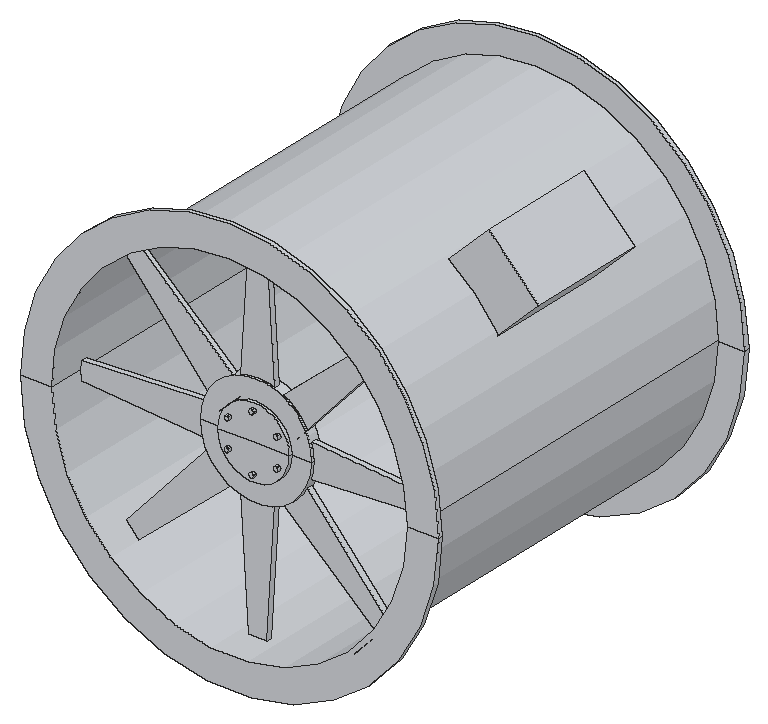
Revit family "CADS_Vent-Axia_MechEquip_Fan_LCA_400_1Ph2P - SUPPLY", category Mechanical Equipment, Revit 2020
Family settings
  Round Connector Dimension = Use Diameter
  Part Type = Normal
  OmniClass Number = 23.75.00.00
  OmniClass Title = Climate Control (HVAC)
  Work Plane-Based = No
  Always vertical = Yes
  Cut with Voids When Loaded = No
  Shared = No
  Room Calculation Point = No
Parameters (values of type "LCA401210")
  nr = NominalDiameter / 2  # 200 mm
  WorkingPressure = 0.0 Pa
  WarrantyStartDate [instance] = "1900-12-31T23:59:59"
  WarrantyPeriod = ""
  WarrantyIdentifier = "N/A"
  WarrantyGuarantorParts = "tech@vent-axia.com"
  WarrantyGuarantorLabor = "tech@vent-axia.com"
  WarrantyGuarantor = "Vent-Axia Limited"
  WarrantyEndDate [instance] = "1900-12-31T23:59:59"
  WarrantyContent = ""
  TemperatureRange = ""
  TagNumber [instance] = "N/A"
  SustainabilityPerformance = ""
  Status = "New"
  Size = ""
  Shape = ""
  ServiceLifeType = ""
  ServiceLifeDuration = ""
  SerialNumber [instance] = "N/A"
  ReplacementCost = ""
  RatedVoltage = 0 V
  RatedCurrent = 0 A
  Quantity = 1
  ProductionYear = ""
  PressureCurve = ""
  PowerFactor = ""
  PointOfContact = ""
  NumberOfPoles = 0
  NominalWidth = 400 mm
  NominalLength = 435 mm
  NominalHeight = 400 mm
  NominalFrequencyRange = ""
  NominalDiameter = 400 mm
  ModelReference = "LCAX 400mm 1PH 2P 10DEG"
  ModelNumber = "LCA401210"
  Material = ""
  ManufacturerE-Mail = "tech@vent-axia.com"
  ManufacturerAddress = "Fleming Way\nCrawley \nRH10 9YX"
  IsExtendedWarranty = no
  InsulationStandardClass = ""
  InstallationDate [instance] = "1900-12-31T23:59:59"
  IfcExportType [instance] = ""
  IfcExportAs = "IfcFanType"
  IP_Code = ""
  HasProtectiveEarth = no
  GrossWeight = 0.00 kg
  Grade = ""
  GlobalTradeItemNumber [instance] = "N/A"
  Fitting Type = "Ignore"
  Finish = ""
  Features = ""
  ExteriorInsulation = no
  ExpectedServiceLife = 0
  Exclusions = ""
  DurationUnit = "Year"
  Default Elevation = 0 mm
  Constituents = ""
  ConductorFunction = ""
  Color = ""
  CodePerformance = ""
  Category = ""
  CADS_Usage = 0
  CADS_Index = 0
  AssetType = "FIXED"
  AssetIdentifier [instance] = "N/A"
  AssemblyPlace = "UNKNOWN"
  ArticleNumber [instance] = "N/A"
  AirflowRateRange = 0.0 L/s
  Air Flow [instance] = 0.0 L/s
  AccessibilityPerformance = ""
Types (12, lengths in mm): name | ModelReference | ModelNumber
  LCA401210 | "LCAX 400mm 1PH 2P 10DEG" | "LCA401210"
  LCA401212 | "LCAX 400mm 1PH 2P 12DEG" | "LCA401212"
  LCA401214 | "LCAX 400mm 1PH 2P 14DEG" | "LCA401214"
  LCA401216 | "LCAX 400mm 1PH 2P 16DEG" | "LCA401216"
  LCA401218 | "LCAX 400mm 1PH 2P 18DEG" | "LCA401218"
  LCA401220 | "LCAX 400mm 1PH 2P 20DEG" | "LCA401220"
  LCA401222 | "LCAX 400mm 1PH 2P 22DEG" | "LCA401222"
  LCA401224 | "LCAX 400mm 1PH 2P 24DEG" | "LCA401224"
  LCA401226 | "LCAX 400mm 1PH 2P 26DEG" | "LCA401226"
  LCA401228 | "LCAX 400mm 1PH 2P 28DEG" | "LCA401228"
  LCA401230 | "LCAX 400mm 1PH 2P 30DEG" | "LCA401230"
  LCA401232 | "LCAX 400mm 1PH 2P 32DEG" | "LCA401232"
Reference planes
  plane 1 "Center (Front/Back)": y = 0
  plane 2: z = 0
  plane 3 "Center (Left/Right)": x = 0
  plane 4: x = -200
  plane 5: x = 200
  plane 6 "F": y = -217.5
  plane 7 "B": y = 217.5
  plane 8: x = -235
  plane 9: y = 212.5
  plane 10: y = -212.5
  plane 11: x = -205
  plane 12: y = -177.5
  plane 13 "top": z = 200
  plane 14: z = -200
  plane 15 "45deg": through (0, -1524, 0) normal (-0.7071, 0, -0.7071)
  plane 16 "C": through (0, -1524, 0) normal (-0.7071, 0, 0.7071)
Forms (mm)
  Revolve 1, solid
    sketch origin (0, 0, 0) x (1, 0, 0) y (0, 1, 0)
      loop
        line (-235, -217.5) -> (-200, -217.5) -> (-200, 217.5) -> (-235, 217.5) -> (-235, 212.5) -> (-205, 212.5) -> (-205, -212.5) -> (-235, -212.5) -> (-235, -217.5)
      axis (0, 217.5) -> (0, -217.5)
    angle from 0 to 360
  Sweep 2, solid
    path origin (0, 0, 0) x (1, 0, 0) y (0, 0, 1)
      loop
        line (141.421, 141.421) -> (187.383, 187.383)
    profile origin (164.402, 0, 164.402) x (-0.707107, 0, 0.707107) y (0, -1, 0)
      loop
        line (37.5, 55) -> (-42.73, 55) -> (-42.73, -79.5) -> (37.5, -79.5) -> (37.5, 55)
Dimensions and locks
  equal spacing: plane 4, plane 3 "Center (Left/Right)", plane 5
  equal spacing: plane 7 "B", plane 1 "Center (Front/Back)", plane 6 "F"
  "NominalLength": plane 7 "B" to plane 6 "F"
  "NominalDiameter": plane 4 to plane 5
  locked: plane 11 to plane 4 at 5
  locked: plane 8 to plane 11 at 30
  locked: plane 6 "F" to plane 10 at 5
  locked: plane 7 "B" to plane 9 at 5
  locked: plane 6 "F" to plane 12 at 40
  equal spacing: plane 13 "top", level, plane 14
  "NominalDiameter": plane 13 "top" to plane 14
  "nr": Sweep 2 sketch curve to nested 13
  Sweep 2 sketch curve to Sweep 2 sketch curve = 65 mm
  aligned and locked: level to plane 2
  aligned and locked: nested 1 to plane 12
Automatic sketch dimensions
  plane 6 "F" to Revolve 1 sketch curve = 0 mm
  Revolve 1 sketch curve to plane 8 = 0 mm  (x2)
  plane 10 to Revolve 1 sketch curve = 0 mm
  Revolve 1 sketch curve to plane 11 = 0 mm
  Revolve 1 sketch curve to plane 4 = 0 mm
  Revolve 1 sketch curve to plane 3 "Center (Left/Right)" = 0 mm
  plane 1 "Center (Front/Back)" to Revolve 1 sketch curve = 0 mm
  Revolve 1 sketch curve to plane 9 = 0 mm
  Revolve 1 sketch curve to plane 7 "B" = 0 mm
  plane 6 "F" to Revolve 1 sketch curve = 115 mm
  plane 1 "Center (Front/Back)" to Sweep 2 sketch curve = 55 mm
  Sweep 2 sketch curve to profile plane = 37.5 mm
  Sweep 2 sketch curve to Sweep 2 sketch curve = 80.23 mm
  Sweep 2 sketch curve to Sweep 2 sketch curve = 134.5 mm
  Sweep 2 sketch curve to plane 16 "C" = 0 mm  (x2)
Nested families
  nested 1: "Fan for ESC" at (0, -177.5, 0), ND <- "NominalDiameter", type "Fan for ESC"
    with hub 40 mm, ND 400 mm, BoltPCD 32 mm, Bolt Count 6, B_Diam 5 mm
  nested 2: "Bolts" at (27.713, -186.672, -16) x (-0.5, 0, -0.866) z (0, 1, 0), type "Bolts"
    with bd 5 mm
  nested 3: "Bolts" at (0, -186.672, -32) x (-1, 0, 0) z (0, 1, 0), type "Bolts"
    with bd 5 mm
  nested 4: "Bolts" at (-27.713, -186.672, -16) x (-0.5, 0, 0.866) z (0, 1, 0), type "Bolts"
    with bd 5 mm
  nested 5: "Bolts" at (-27.713, -186.672, 16) x (0.5, 0, 0.866) z (0, 1, 0), type "Bolts"
    with bd 5 mm
  nested 6: "Bolts" at (27.713, -186.672, 16) x (0.5, 0, -0.866) z (0, 1, 0), type "Bolts"
    with bd 5 mm
  nested 7: "Bolts" at (0, -186.672, 32) x (1, 0, 0) z (0, 1, 0), type "Bolts"
    with bd 5 mm
  nested 8: "ESC Blade" at (0, -177.5, 0), type "ESC Blade"
    with a 20.00°, HR 40 mm, HD 80 mm, BT 20 mm, BR 160 mm, BH 40 mm, BD 400 mm, BB 40 mm
  nested 9: "ESC Blade" at (0, -177.5, 0) x (0.7071, 0, -0.7071) z (0.7071, 0, 0.7071), type "ESC Blade"
    with a 20.00°, HR 40 mm, HD 80 mm, BT 20 mm, BR 160 mm, BH 40 mm, BD 400 mm, BB 40 mm
  nested 10: "ESC Blade" at (0, -177.5, 0) x (0, 0, -1) z (1, 0, 0), type "ESC Blade"
    with a 20.00°, HR 40 mm, HD 80 mm, BT 20 mm, BR 160 mm, BH 40 mm, BD 400 mm, BB 40 mm
  nested 11: "ESC Blade" at (0, -177.5, 0) x (-0.7071, 0, -0.7071) z (0.7071, 0, -0.7071), type "ESC Blade"
    with a 20.00°, HR 40 mm, HD 80 mm, BT 20 mm, BR 160 mm, BH 40 mm, BD 400 mm, BB 40 mm
  nested 12: "ESC Blade" at (0, -177.5, 0) x (-1, 0, 0) z (0, 0, -1), type "ESC Blade"
    with a 20.00°, HR 40 mm, HD 80 mm, BT 20 mm, BR 160 mm, BH 40 mm, BD 400 mm, BB 40 mm
  nested 13: "ESC Blade" at (0, -177.5, 0) x (-0.7071, 0, -0.7071) z (-0.7071, 0, 0.7071), type "ESC Blade"
    with a 20.00°, HR 40 mm, HD 80 mm, BT 20 mm, BR 160 mm, BH 40 mm, BD 400 mm, BB 40 mm
  nested 14: "ESC Blade" at (0, -177.5, 0) x (0, 0, -1) z (-1, 0, 0), type "ESC Blade"
    with a 20.00°, HR 40 mm, HD 80 mm, BT 20 mm, BR 160 mm, BH 40 mm, BD 400 mm, BB 40 mm
  nested 15: "ESC Blade" at (0, -177.5, 0) x (0.7071, 0, -0.7071) z (-0.7071, 0, -0.7071), type "ESC Blade"
    with a 20.00°, HR 40 mm, HD 80 mm, BT 20 mm, BR 160 mm, BH 40 mm, BD 400 mm, BB 40 mm
Connectors
  hvac at (0, -217.5, 0), driven by "NominalDiameter", driven by "Air Flow"
    settings: on Revolve 1, index 1, duct flow 0.0 L/s, flow factor 0, pres drop 0.0 Pa, loss coef 0, conn angle 0.00°, conn width 304.8 mm, conn height 304.8 mm, conn diameter 400 mm, duct sys type 1, conn prof type 0, flow config 1, flow direction 1, loss method 0, conn ref index -1, conn util no, is conn primary yes, conn desc ""
  hvac at (0, 217.5, 0), driven by "NominalDiameter", driven by "Air Flow"
    settings: on Revolve 1, index 2, duct flow 0.0 L/s, flow factor 0, pres drop 0.0 Pa, loss coef 0, conn angle 0.00°, conn width 304.8 mm, conn height 304.8 mm, conn diameter 400 mm, duct sys type 1, conn prof type 0, flow config 0, flow direction 2, loss method 0, conn ref index -1, conn util no, is conn primary no, conn desc ""
Definition of nested family "Fan for ESC"
  Parameters (values of type "Fan for ESC")
    hub [instance] = ND / 10  # 56.7 mm
    ND [instance] = 567 mm
    Model = "."
    Default Elevation = 0 mm
    BoltPCD [instance] = hub - (hub * 0.2)  # 45.36 mm
    Bolt Count [instance] = if(hub < 50 mm, 6, 8)  # 8
    B_Diam [instance] = if(hub < 50 mm, 5 mm, 10 mm)  # 10 mm
  Reference planes
    plane 1 "Center (Front/Back)": y = 0
    plane 2: z = 0
    plane 3 "Center (Left/Right)": x = 0
    plane 4 "back": y = 20
    plane 5 "bolts": y = -9.172
    plane 6 "B": z = 56.7
    plane 7: x = -79.287
    plane 8: x = -56.7
    plane 9 "hubface": y = -6.172
  Forms (mm)
    Revolve 1, solid
      sketch origin (0, 0, 0) x (1, 0, 0) y (0, 1, 0)
        loop
          line (0, 20) -> (-56.7, 20) -> (-56.7, 10.504) -> (-79.287, 10.504) -> (-79.287, -2.597) -> (-56.7, -2.597) -> (-56.7, -6.172) -> (0, -6.172) -> (0, 20)
        axis (0, 20) -> (0, -6.172)
      angle from 0 to 360
    Extrusion 2, solid, not visible
      sketch origin (0, -6.347, -4) x (-1, 0, 0) y (0, 0, 1)
        loop
          circle (0, 84) r 5
      from 0 to 3
  Lines and regions (mm)
    symbolic lines
      curve 1: circle (0, -9.172, 0) r 45.36 normal (0, 1, 0)
    model lines, not visible
      curve 2: line (0, -6.347, 85) -> (0, -6.347, 75)
  Dimensions and locks
    "hub": plane 6 "B" to plane 2
    "hub": nested 3 to plane 3 "Center (Left/Right)"
    "hub": nested 4 to plane 3 "Center (Left/Right)"
    "hub": nested 5 to plane 3 "Center (Left/Right)"
    "hub": plane 3 "Center (Left/Right)" to nested 6
    "hub": Revolve 1 sketch curve to Revolve 1 sketch curve
    "hub": plane 3 "Center (Left/Right)" to nested 7
    "hub": plane 3 "Center (Left/Right)" to nested 8
    "hub": plane 3 "Center (Left/Right)" to nested 9
    "hub": plane 8 to plane 3 "Center (Left/Right)"
    plane 7 to plane 8 = 22.587 mm
    diameter of Extrusion 2 sketch curve = 10 mm
    "BoltPCD": radius of curve 1
    "BoltPCD": radius of radial array
    aligned and locked: level to plane 2
    aligned and locked: plane 6 "B" to nested 1
  Automatic sketch dimensions
    Revolve 1 sketch curve to plane 7 = 0 mm
    Revolve 1 sketch curve to plane 8 = 0 mm  (x2)
    Revolve 1 sketch curve to plane 3 "Center (Left/Right)" = 0 mm
    Revolve 1 sketch curve to plane 9 "hubface" = 0 mm
    plane 4 "back" to Revolve 1 sketch curve = 0 mm
    plane 1 "Center (Front/Back)" to Revolve 1 sketch curve = 2.597 mm
    plane 4 "back" to Revolve 1 sketch curve = 9.496 mm
    Revolve 1 sketch curve to Revolve 1 sketch curve = 5 mm
    Revolve 1 sketch curve to plane 4 "back" = 45 mm
    curve 1 to level = 0 mm
    curve 1 to plane 3 "Center (Left/Right)" = 0 mm
  Nested families
    nested 1: "ESC Blade" at (0, 0, 0), BD <- "ND", HD <- "hub", type "ESC Blade"
      with a 20.00°, HR 56.7 mm, HD 113.4 mm, BT 28.35 mm, BR 226.8 mm, BH 40 mm, BD 567 mm, BB 56.7 mm
    nested 2: "ESC Blade" at (0, 0, 755), BD <- "ND", HD <- "hub", type "ESC Blade", not visible
      with a 20.00°, HR 56.7 mm, HD 113.4 mm, BT 28.35 mm, BR 226.8 mm, BH 40 mm, BD 567 mm, BB 56.7 mm
    nested 3: "ESC Blade" at (0, 0, 0) x (0.7071, 0, -0.7071) z (0.7071, 0, 0.7071), BD <- "ND", HD <- "hub", type "ESC Blade"
      with a 20.00°, HR 56.7 mm, HD 113.4 mm, BT 28.35 mm, BR 226.8 mm, BH 40 mm, BD 567 mm, BB 56.7 mm
    nested 4: "ESC Blade" at (0, 0, 0) x (0, 0, -1) z (1, 0, 0), BD <- "ND", HD <- "hub", type "ESC Blade"
      with a 20.00°, HR 56.7 mm, HD 113.4 mm, BT 28.35 mm, BR 226.8 mm, BH 40 mm, BD 567 mm, BB 56.7 mm
    nested 5: "ESC Blade" at (0, 0, 0) x (-0.7071, 0, -0.7071) z (0.7071, 0, -0.7071), BD <- "ND", HD <- "hub", type "ESC Blade"
      with a 20.00°, HR 56.7 mm, HD 113.4 mm, BT 28.35 mm, BR 226.8 mm, BH 40 mm, BD 567 mm, BB 56.7 mm
    nested 6: "ESC Blade" at (0, 0, 0) x (-1, 0, 0) z (0, 0, -1), BD <- "ND", HD <- "hub", type "ESC Blade"
      with a 20.00°, HR 56.7 mm, HD 113.4 mm, BT 28.35 mm, BR 226.8 mm, BH 40 mm, BD 567 mm, BB 56.7 mm
    nested 7: "ESC Blade" at (0, 0, 0) x (-0.7071, 0, -0.7071) z (-0.7071, 0, 0.7071), BD <- "ND", HD <- "hub", type "ESC Blade"
      with a 20.00°, HR 56.7 mm, HD 113.4 mm, BT 28.35 mm, BR 226.8 mm, BH 40 mm, BD 567 mm, BB 56.7 mm
    nested 8: "ESC Blade" at (0, 0, 0) x (0, 0, -1) z (-1, 0, 0), BD <- "ND", HD <- "hub", type "ESC Blade"
      with a 20.00°, HR 56.7 mm, HD 113.4 mm, BT 28.35 mm, BR 226.8 mm, BH 40 mm, BD 567 mm, BB 56.7 mm
    nested 9: "ESC Blade" at (0, 0, 0) x (0.7071, 0, -0.7071) z (-0.7071, 0, -0.7071), BD <- "ND", HD <- "hub", type "ESC Blade"
      with a 20.00°, HR 56.7 mm, HD 113.4 mm, BT 28.35 mm, BR 226.8 mm, BH 40 mm, BD 567 mm, BB 56.7 mm
    nested 10: "Bolts" at (0, -9.172, 45.36) x (1, 0, 0) z (0, 1, 0), bd <- "B_Diam", type "Bolts"
      with bd 10 mm
    nested 11: "Bolts" at (32.074, -9.172, 32.074) x (0.7071, 0, -0.7071) z (0, 1, 0), bd <- "B_Diam", type "Bolts"
      with bd 10 mm
    nested 12: "Bolts" at (-32.074, -9.172, 32.074) x (0.7071, 0, 0.7071) z (0, 1, 0), bd <- "B_Diam", type "Bolts"
      with bd 10 mm
    nested 13: "Bolts" at (-45.36, -9.172, 0) x (0, 0, 1) z (0, 1, 0), bd <- "B_Diam", type "Bolts"
      with bd 10 mm
    nested 14: "Bolts" at (-32.074, -9.172, -32.074) x (-0.7071, 0, 0.7071) z (0, 1, 0), bd <- "B_Diam", type "Bolts"
      with bd 10 mm
    nested 15: "Bolts" at (0, -9.172, -45.36) x (-1, 0, 0) z (0, 1, 0), bd <- "B_Diam", type "Bolts"
      with bd 10 mm
    nested 16: "Bolts" at (32.074, -9.172, -32.074) x (-0.7071, 0, -0.7071) z (0, 1, 0), bd <- "B_Diam", type "Bolts"
      with bd 10 mm
    nested 17: "Bolts" at (45.36, -9.172, 0) x (0, 0, -1) z (0, 1, 0), bd <- "B_Diam", type "Bolts"
      with bd 10 mm
  Definition of nested family "ESC Blade"
    Parameters (values of type "ESC Blade")
      a [instance] = 20.00°
      HR [instance] = HD / 2  # 30 mm
      HD [instance] = BD / 5  # 60 mm
      Default Elevation = 1219.2 mm
      BT [instance] = BD / 20  # 15 mm
      BR [instance] = (BD / 2) - HR  # 120 mm
      BH [instance] = 40 mm
      BD [instance] = 300 mm
      BB [instance] = BD / 10  # 30 mm
    Reference planes
      plane 1 "Center (Front/Back)": y = 0
      plane 2: z = 0
      plane 3 "Center (Left/Right)": x = 0
      plane 4 "Blade Bot": z = 30
      plane 5: x = -15
      plane 6: x = 15
      plane 7: x = -7.5
      plane 8: x = 7.5
    Forms (mm)
      Blend 1, solid
        base sketch origin (0, 0, 30) x (-1, 0, 0) y (0, -1, 0)
          loop
            line (15, 0) -> (-15, 0) -> (-15, -6) -> (15, -6) -> (15, 0)
        top sketch origin (0, 0, 30) x (-1, 0, 0) y (0, -1, 0)
          loop
            line (7.5, -6) -> (7.5, 0) -> (-7.5, 0) -> (-7.5, -6) -> (7.5, -6)
        from 0 to 120 <- "BR"
    Dimensions and locks
      "HR": plane 4 "Blade Bot" to level
      equal spacing: plane 8, plane 3 "Center (Left/Right)", plane 7
      "BT": plane 8 to plane 7
      equal spacing: plane 6, plane 3 "Center (Left/Right)", plane 5
      "BB": plane 6 to plane 5
      aligned and locked: level to plane 2
    Automatic sketch dimensions
      plane 1 "Center (Front/Back)" to Blend 1 sketch curve = 0 mm  (x2)
      Blend 1 sketch curve to plane 6 = 0 mm
      Blend 1 sketch curve to plane 5 = 0 mm
      Blend 1 sketch curve to plane 1 "Center (Front/Back)" = 6 mm  (x2)
      Blend 1 sketch curve to plane 8 = 0 mm
      Blend 1 sketch curve to plane 7 = 0 mm
  Definition of nested family "Bolts"
    Parameters
      bd [instance] = 10 mm
      Default Elevation = 1219.2 mm
    Reference planes
      plane 1 "Center (Front/Back)": y = 0
      plane 2: z = 0
      plane 3 "Center (Left/Right)": x = 0
    Forms (mm)
      Extrusion 1, solid
        sketch origin (0, 0, 0) x (1, 0, 0) y (0, 1, 0)
          loop
            line (-1219.2, 1219.2) -> (-1219.2, -1219.2) -> (1219.2, -1219.2) -> (1219.2, 1219.2) -> (-1219.2, 1219.2)
        from 0 to -304.8
      Extrusion 2, solid
        sketch origin (0, 0, 0) x (1, 0, 0) y (0, 1, 0)
          loop
            circle (0, 0) r 5
        from 0 to 3
    Dimensions and locks
      "bd": diameter of Extrusion 2 sketch curve
      aligned and locked: plane 2 to Extrusion 1
      aligned and locked: level to Extrusion 1
    Automatic sketch dimensions
      Extrusion 1 sketch curve to Extrusion 1 sketch curve = 2438.4 mm  (x2)
      plane 1 "Center (Front/Back)" to Extrusion 2 sketch curve = 0 mm
      Extrusion 2 sketch curve to plane 3 "Center (Left/Right)" = 0 mm
Definition of nested family "Bolts"
  Parameters
    bd [instance] = 10 mm
    Default Elevation = 1219.2 mm
  Reference planes
    plane 1 "Center (Front/Back)": y = 0
    plane 2: z = 0
    plane 3 "Center (Left/Right)": x = 0
  Forms (mm)
    Extrusion 1, solid
      sketch origin (0, 0, 0) x (1, 0, 0) y (0, 1, 0)
        loop
          line (-1219.2, 1219.2) -> (-1219.2, -1219.2) -> (1219.2, -1219.2) -> (1219.2, 1219.2) -> (-1219.2, 1219.2)
      from 0 to -304.8
    Extrusion 2, solid
      sketch origin (0, 0, 0) x (1, 0, 0) y (0, 1, 0)
        loop
          circle (0, 0) r 5
      from 0 to 3
  Dimensions and locks
    "bd": diameter of Extrusion 2 sketch curve
    aligned and locked: plane 2 to Extrusion 1
    aligned and locked: level to Extrusion 1
  Automatic sketch dimensions
    Extrusion 1 sketch curve to Extrusion 1 sketch curve = 2438.4 mm  (x2)
    plane 1 "Center (Front/Back)" to Extrusion 2 sketch curve = 0 mm
    Extrusion 2 sketch curve to plane 3 "Center (Left/Right)" = 0 mm
Definition of nested family "ESC Blade"
  Parameters (values of type "ESC Blade")
    a [instance] = 20.00°
    HR [instance] = HD / 2  # 30 mm
    HD [instance] = BD / 5  # 60 mm
    Default Elevation = 1219.2 mm
    BT [instance] = BD / 20  # 15 mm
    BR [instance] = (BD / 2) - HR  # 120 mm
    BH [instance] = 40 mm
    BD [instance] = 300 mm
    BB [instance] = BD / 10  # 30 mm
  Reference planes
    plane 1 "Center (Front/Back)": y = 0
    plane 2: z = 0
    plane 3 "Center (Left/Right)": x = 0
    plane 4 "Blade Bot": z = 30
    plane 5: x = -15
    plane 6: x = 15
    plane 7: x = -7.5
    plane 8: x = 7.5
  Forms (mm)
    Blend 1, solid
      base sketch origin (0, 0, 30) x (-1, 0, 0) y (0, -1, 0)
        loop
          line (15, 0) -> (-15, 0) -> (-15, -6) -> (15, -6) -> (15, 0)
      top sketch origin (0, 0, 30) x (-1, 0, 0) y (0, -1, 0)
        loop
          line (7.5, -6) -> (7.5, 0) -> (-7.5, 0) -> (-7.5, -6) -> (7.5, -6)
      from 0 to 120 <- "BR"
  Dimensions and locks
    "HR": plane 4 "Blade Bot" to level
    equal spacing: plane 8, plane 3 "Center (Left/Right)", plane 7
    "BT": plane 8 to plane 7
    equal spacing: plane 6, plane 3 "Center (Left/Right)", plane 5
    "BB": plane 6 to plane 5
    aligned and locked: level to plane 2
  Automatic sketch dimensions
    plane 1 "Center (Front/Back)" to Blend 1 sketch curve = 0 mm  (x2)
    Blend 1 sketch curve to plane 6 = 0 mm
    Blend 1 sketch curve to plane 5 = 0 mm
    Blend 1 sketch curve to plane 1 "Center (Front/Back)" = 6 mm  (x2)
    Blend 1 sketch curve to plane 8 = 0 mm
    Blend 1 sketch curve to plane 7 = 0 mm
